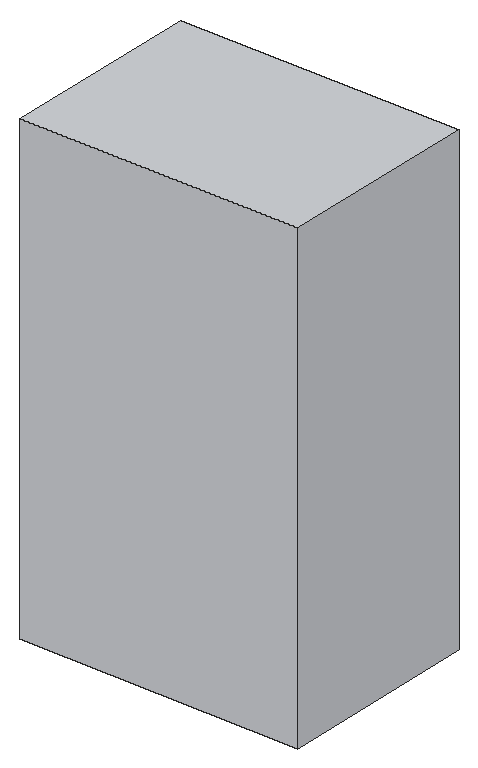
Revit family
Parameters
  Warranty Duration (Years) = 0
  Unit Width [instance] = 0' - 0"
  Unit Height [instance] = 0' - 0"
  Unit Depth = 0' - 0"
  URL = "http://www.americanspecialties.com/viewCategories.cfm"
  Test Data = ""
  Specification = "http://www.arcat.com/sdspecs/htm/10810asi.htm"
  SpecWizard = ""
  Send Message = "http://www.arcat.com/users.pl?action=UserEmail&company=American%20Specialties,%20Inc.&coid=30448&rep=139&fax=914-476-0688&mf="
  Sales Information = "http://www.americanspecialties.com/contact"
  Revision = "R1_10-2010"
  Product Properties = "http://www.americanspecialties.com/datasheets/045210A-9.pdf"
  Product Data = "http://www.arcat.com/arcatcos/cos30/arc30448.html"
  Trim Material = Metal - Stainless Steel
  Model = "As Specified in 10 28 13"
  Manufacturer Website = "http://www.americanspecialties.com/viewCategories.cfm"
  Manufacturer Phone - Toll Free = ""
  Manufacturer Phone = "914-476-9000 "
  Manufacturer Fax = "914-476-0688"
  Manufacturer Address = "441 Saw Mill River Rd., Yonkers, NY 10701"
  Manufacturer = "American Specialties, Inc."
  Maintenance Schedule (Months) = 0
  Keynote = "10 28 13"
  Installation-Fabrication = "http://www.americanspecialties.com/products.cfm"
  Green Building-LEED = ""
  Expected Lifespan (Years) = 0
  Drawn By = "Robert S. Weygant. CSI, CDT, SCIP"  # constant formula
  Description = "Toilet Accessory as Specified in 10 28 13"
  Default Elevation = 4' - 0"
  Copyright = "©Arcat Inc."
  Construction Details = "http://www.arcat.com/green/clients/leed_data_30448.html"
  Building Codes = "http://www.americanspecialties.com/products.cfm"
  Body Material = Metal - Stainless Steel
  Assembly Code = "C1030210"
Reference planes (in)
  plane 1 "Center (Front/Back)": y = -0.29112
  plane 2 "Floor Line": z = 0
  plane 3 "Center (Left/Right)": x = -0.65843
  plane 4: y = 13.70888
  plane 5: y = -14.29112
  plane 6: x = -9.28343
  plane 7: x = 7.96657
  plane 8: z = 0
  plane 9: y = -0.29112
  plane 10: z = 10
  plane 11: z = 10.25
Forms (in)
  Extrusion 1, solid
    sketch origin (-3.62887, -9, -6) x (0, 0, -1) y (1, 0, 0)
      loop
        line (-82, 26) -> (-82, -19.34712) -> (-6, -19.34712) -> (-6, 26) -> (-82, 26)
    from 8.29112 to -24.38084
  Extrusion 2, solid, material "Metal - Stainless Steel" <- "Body Material"
    sketch origin (0, 0, 6) x (1, 0, 0) y (0, 1, 0)
      loop
        line (-9.28343, 13.70888) -> (-9.28343, -14.29112) -> (7.96657, -14.29112) -> (7.96657, 13.70888) -> (-9.28343, 13.70888)
      loop
        line (-8.28343, -13.29112) -> (6.96657, -13.29112) -> (6.96657, 12.70888) -> (-8.28343, 12.70888) -> (-8.28343, -13.29112)
    from 4 to 4.25
  Extrusion 3, solid, material "Metal - Stainless Steel" <- "Body Material"
    sketch origin (0, 0, -10.25) x (1, 0, 0) y (0, 1, 0)
      loop
        line (-9.28343, -14.29112) -> (7.96657, -14.29112) -> (7.96657, 13.70888) -> (-9.28343, 13.70888) -> (-9.28343, -14.29112)
      loop
        line (-9.22093, -14.22862) -> (7.90407, -14.22862) -> (7.90407, 13.64638) -> (-9.22093, 13.64638) -> (-9.22093, -14.22862)
    from 10.25 to 20.25
  Extrusion 4, void
    sketch origin (0, 0.75, 0) x (1, 0, 0) y (0, 1, 0)
      loop
        arc (-4.90843, -2.86426) -> (-5.08521, -2.93748) -> (-5.15843, -3.11426) r 0.25
        line (-5.15843, -3.11426) -> (-5.15843, -4.61426)
        arc (-5.15843, -4.61426) -> (-5.08521, -4.79104) -> (-4.90843, -4.86426) r 0.25
        line (-4.90843, -4.86426) -> (3.59157, -4.86426)
        arc (3.59157, -4.86426) -> (3.76834, -4.79104) -> (3.84157, -4.61426) r 0.25
        line (3.84157, -4.61426) -> (3.84157, -3.11426)
        arc (3.84157, -3.11426) -> (3.76834, -2.93748) -> (3.59157, -2.86426) r 0.25
        line (3.59157, -2.86426) -> (-4.90843, -2.86426)
    from 4.9187 to 9.09494
  Extrusion 5, solid, material "Metal - Stainless Steel" <- "Trim Material"
    sketch origin (0, 0, 9.90353) x (1, 0, 0) y (0, 1, 0)
      loop
        circle (-7.22093, 6.20888) r 0.5
      loop
        line (-7.29666, 6.57741) -> (-7.29666, 5.88237) -> (-7.13348, 5.88237) -> (-7.13348, 6.57741) -> (-7.29666, 6.57741)
    from 0.25 to 0.40332
  Extrusion 6, solid, material "Metal - Stainless Steel" <- "Body Material"
    sketch origin (-0.65843, 0, 10.3975) x (0, 1, 0) y (0, 0, 1)
      loop
        line (-0.29112, -1.24866) -> (-2.42991, -1.78192)
        arc (-2.42991, -1.78192) -> (-4.34122, -3.02314) -> (-5.08319, -5.17795) r 3.5
        line (-5.08319, -5.17795) -> (-5.08319, -10.3975) -> (-4.33319, -10.3975) -> (-4.33319, -5.37327)
        arc (-4.33319, -5.37327) -> (-3.69722, -3.52629) -> (-2.05895, -2.46239) r 3
        line (-2.05895, -2.46239) -> (-0.29112, -2.02162) -> (-0.29112, -1.24866)
      loop
        line (9.98869, -10.3975) -> (9.84169, -8.71725)
        arc (9.84169, -8.71725) -> (9.52641, -8.06799) -> (8.97593, -7.60118) r 1.75
        arc (8.97593, -7.60118) -> (4.2663, -6.30118) -> (-0.53765, -7.19153) r 10.88794
        line (-0.53765, -7.19153) -> (-1.54112, -8.195) -> (-1.54112, -10.3975) -> (9.98869, -10.3975)
    from -6.58612 to 6.66597
  Extrusion 7, void
    sketch origin (0, 0.75, 0) x (0, -1, 0) y (1, 0, 0)
      loop
        arc (2.86426, -4.90843) -> (2.93748, -5.08521) -> (3.11426, -5.15843) r 0.25
        line (3.11426, -5.15843) -> (4.61426, -5.15843)
        arc (4.61426, -5.15843) -> (4.79104, -5.08521) -> (4.86426, -4.90843) r 0.25
        line (4.86426, -4.90843) -> (4.86426, 3.59157)
        arc (4.86426, 3.59157) -> (4.79104, 3.76834) -> (4.61426, 3.84157) r 0.25
        line (4.61426, 3.84157) -> (3.11426, 3.84157)
        arc (3.11426, 3.84157) -> (2.93748, 3.76834) -> (2.86426, 3.59157) r 0.25
        line (2.86426, 3.59157) -> (2.86426, -4.90843)
    from 0 to 3.10045
  Extrusion 8, void
    sketch origin (0, 0, 4) x (1, 0, 0) y (0, 1, 0)
      loop
        line (-7.24455, -1.03938) -> (-6.99455, -1.03938) -> (-6.51697, -4.43757)
        arc (-6.51697, -4.43757) -> (-6.26631, -4.89922) -> (-5.77427, -5.08319) r 0.75
        line (-5.77427, -5.08319) -> (4.4574, -5.08319)
        arc (4.4574, -5.08319) -> (4.94944, -4.89922) -> (5.2001, -4.43757) r 0.75
        line (5.2001, -4.43757) -> (5.67768, -1.03938) -> (5.92768, -1.03938) -> (5.92768, 0.21062)
        arc (5.92768, 0.21062) -> (5.77927, 4.46062) -> (5.33475, 8.68991) r 60.92624
        line (5.33475, 8.68991) -> (5.08475, 8.68991) -> (4.91245, 9.7778)
        arc (4.91245, 9.7778) -> (4.82789, 9.92879) -> (4.66553, 9.98869) r 0.25
        line (4.66553, 9.98869) -> (-5.98239, 9.98869)
        arc (-5.98239, 9.98869) -> (-6.14476, 9.92879) -> (-6.22932, 9.7778) r 0.25
        line (-6.22932, 9.7778) -> (-6.40162, 8.68991) -> (-6.65162, 8.68991)
        arc (-6.65162, 8.68991) -> (-7.09614, 4.46062) -> (-7.24455, 0.21062) r 60.92624
        line (-7.24455, 0.21062) -> (-7.24455, -1.03938)
      loop
        line (-8.00632, 10.38832) -> (-8.00632, -5.36168) -> (6.49368, -5.36168) -> (6.49368, 10.38832) -> (-8.00632, 10.38832)
    from -4 to 5.42713
  Extrusion 9, solid, material "Metal - Stainless Steel" <- "Body Material"
    sketch origin (0, 0, 4) x (1, 0, 0) y (0, 1, 0)
      loop
        line (-8.28343, 12.70888) -> (-8.28343, -0.29112) -> (7.00359, -0.29112) -> (7.00359, 12.70888) -> (-8.28343, 12.70888)
    from 6 to 6.15353
  Extrusion 10, solid
    sketch origin (0, 0, 0) x (1, 0, 0) y (0, 1, 0)
      loop
        line (-9.28343, 13.70888) -> (-9.28343, -14.29112) -> (7.96657, -14.29112) -> (7.96657, 13.70888) -> (-9.28343, 13.70888)
      loop
        circle (-7.28343, 7.70888) r 0.10937
      loop
        circle (-7.28343, 0.70888) r 0.10937
      loop
        circle (5.96657, 7.70888) r 0.10937
      loop
        circle (5.96657, 0.70888) r 0.10937
    from 0 to 0.06682
Cuts and joins
  Extrusion 4, Extrusion 7, Extrusion 8 cuts Extrusion 2
  Extrusion 4, Extrusion 7, Extrusion 8 cuts Extrusion 6
  Extrusion 4, Extrusion 7, Extrusion 8 cuts Extrusion 3
  Extrusion 8 cuts Extrusion 5
Dimensions and locks (in)
  aligned and locked: plane 6 to Extrusion 2 sketch curve
  aligned and locked: plane 4 to Extrusion 2 sketch curve
  aligned and locked: plane 5 to Extrusion 2 sketch curve
  aligned and locked: Extrusion 2 sketch curve to plane 7
  aligned and locked: cut or joined group of Extrusion 3, Extrusion 4, Extrusion 7, Extrusion 8 to level
  aligned and locked: plane 11 to cut or joined group of Extrusion 2, Extrusion 4, Extrusion 7, Extrusion 8
  aligned and locked: plane 10 to cut or joined group of Extrusion 3, Extrusion 4, Extrusion 7, Extrusion 8
  aligned and locked: Extrusion 10 sketch curve to cut or joined group of Extrusion 2, Extrusion 4, Extrusion 7, Extrusion 8  (x3)
  aligned and locked: cut or joined group of Extrusion 2, Extrusion 4, Extrusion 7, Extrusion 8 to Extrusion 10 sketch curve
